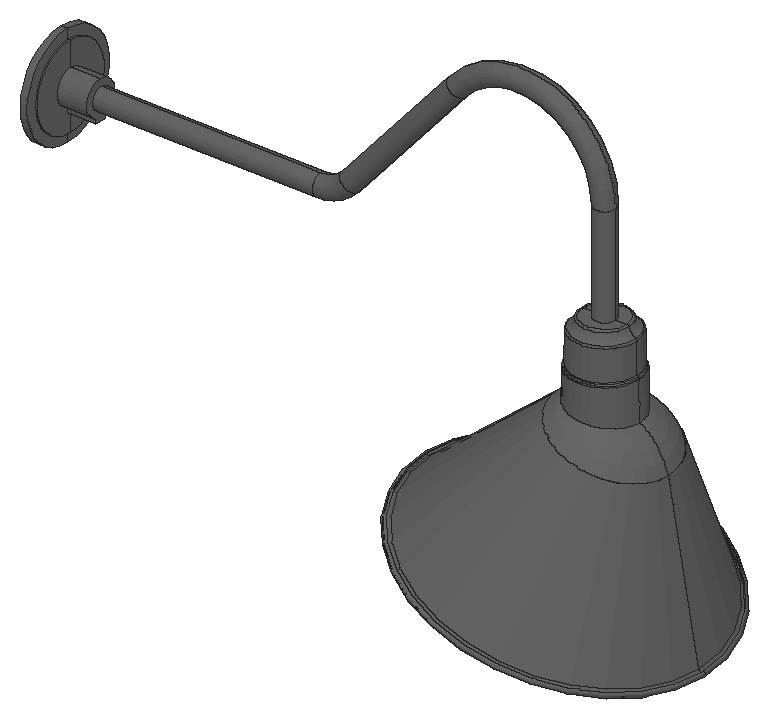
Revit family "Angle_LED", category Lighting Fixtures, Revit 2020
Family settings
  Round Connector Dimension = Use Diameter
  Part Type = Normal
  OmniClass Number = 23.80.70.00
  OmniClass Title = Lighting
  Work Plane-Based = No
  Always vertical = Yes
  Cut with Voids When Loaded = No
  Light Source = Yes
  Shared = No
  Room Calculation Point = No
Parameters (values of type "A814")
  Weight = "1.5 lb"
  Wattage Comments = "24 W"
  Wattage = 2.4 W
  Warranty = "5 year limited warranty"  # constant formula
  built-in parameter 1150110 = 1 (stored number, unit not read)
  Voltage = 120 V
  URL = "https://www.anplighting.com/assets/Uploads/product-attachments/specification-sheets/ANP-Specification-Sheet-RLM-LED-A814.pdf"
  built-in parameter 1114217 = 1 (stored number, unit not read)
  Tilt Angle = 90.00°
  built-in parameter 1150109 = 1 (stored number, unit not read)
  built-in parameter 1150134 = 12
  built-in parameter 1150113 = 1 (stored number, unit not read)
  Mounting Option [instance] = 2
  Power Factor = 1
  Post Mount [instance] = Mounting Option = 5  # no
  Placement X axis side [instance] = if(Post Mount, 2' 2 15/32", if(Cord or Stem Mount, 0' 0", if(E36 20 inch, 1' 8 1/4", if(E 6 26 inch, 2' 2", if(E7 41 inch, 3' 5 1/4", 0' 1")))))  # 2' - 2"
  Photometric Web File = "A814M016LDNW40K.ies"
  Model = "A814"
  Manufacturer = "ANP Lighting"  # constant formula
  built-in parameter 1150105 = 238.73 (stored number, unit not read)
  Lumens = 3000 lm
  built-in parameter 1150115 = 1 (stored number, unit not read)
  Load Classification = Lighting
  Light Source Height [instance] = 0' - 0 1/2"  # constant formula
  built-in parameter 1150137 = (empty or 0)
  built-in parameter 1150139 = (empty or 0)
  Light Elevation_3 [instance] = 0' - 2"  # constant formula
  Light Elevation _2 [instance] = if(A807, 0' 7 195/256", if(A810, 0' 10 27/256", if(A812, 0' 11 61/128", if(A814, 1' 1 205/256", 0' 0"))))  # 1' - 1 205/256"
  Light Elevation _1 [instance] = if(Post Mount, 0' 0", if(E7 41 inch, 0' 0", if(E36 20 inch, 0' 1", if(E 6 26 inch, 0' 0.87402", if(Cord or Stem Mount, (0' 3.66142" + Cord Length), 0' 0")))))  # 0' - 0.87402"
  Light Elevation [instance] = if(Post Mount, 14' 0.5315", if(E7 41 inch, 0' 0", 0' 0"))  # 0' - 0"
  Life = "L70 50,000 hours"  # constant formula
  built-in parameter 1150112 = 1 (stored number, unit not read)
  built-in parameter 1150114 = 1 (stored number, unit not read)
  Lamp = "LED"
  built-in parameter 1150132 = 2
  built-in parameter 1150102 = (empty or 0)
  built-in parameter 1150107 = 4000 (stored number, unit not read)
  built-in parameter 1150138 = (empty or 0)
  built-in parameter 1150106 = 2.3873 (stored number, unit not read)
  Fixture Height = 0' - 11 3/4"
  Fixture Diameter = 1' - 2 1/4"
  Efficiency = "65-125 lumens per watt"  # constant formula
  built-in parameter 1150104 = 116.13 (stored number, unit not read)
  E7 41 inch [instance] = Mounting Option = 4  # no
  E36 20 inch [instance] = Mounting Option = 3  # no
  E 6 26 inch [instance] = Mounting Option = 2  # yes
  Dimming Lamp Color Temperature Shift = <None>
  Dimming = "1%"  # constant formula
  Description = "120-277 Voltage"  # constant formula
  Default Elevation = 0' - 0"
  Cord or Stem Mount [instance] = Mounting Option = 1  # no
  Cord Length option [instance] = 0
  Cord Length [instance] = if([2' Cord], 2' 0", if([4' Cord], 4' 0", if([8' Cord], 8' 0", if([10' Cord], 10' 0", if([6' Cord], 6' 0", 6' 0")))))  # 6' - 0"
  Construction Material = "Heavy Duty spun aluminum."  # constant formula
  Color Filter = 16777215
  Canopy Body = body
  CRI = ">90"  # constant formula
  Body Material = body
  Body Colour = "Spun aluminium"  # constant formula
  built-in parameter 1114218 = 1 (stored number, unit not read)
  built-in parameter 1150133 = 10 (stored number, unit not read)
  Apparent Load = 24 VA
  A814 = yes
  A812 = no
  A810 = no
  A807 = no
  8' Cord [instance] = Cord Length option = 8  # no
  6' Cord [instance] = Cord Length option = 6  # no
  4' Cord [instance] = Cord Length option = 4  # no
  2' Cord [instance] = Cord Length option = 2  # no
  10' Cord [instance] = Cord Length option = 10  # no
Types (5): name | Weight | Wattage Comments | Wattage | URL | Photometric Web File | Model | built-in parameter 1150105 | Lumens | Light Elevation _2 | built-in parameter 1150106 | Fixture Height | Fixture Diameter | Apparent Load | A814 | A812 | A810 | A807
  (no name) | "1.5 lb" | "24 W" | 2.4 W | "https://www.anplighting.com/assets/Uploads/product-attachments/specification-sheets/ANP-Specification-Sheet-RLM-LED-A814.pdf" | "A814M016LDNW40K.ies" | "A814" | 238.73 (stored number, unit not read) | 3000 lm | 1' - 1 205/256" | 2.3873 (stored number, unit not read) | 0' - 11 3/4" | 1' - 2 1/4" | 24 VA | yes | no | no | no
  A807 | "1.0 lb" | "10W" | 1 W | "https://www.anplighting.com/assets/Uploads/product-attachments/specification-sheets/ANP-Specification-Sheet-RLM-LED-A807.pdf" | "A807M009LDNW40K.IES" | "A807" | 99.472 (stored number, unit not read) | 1250 lm | 0' - 7 195/256" | 0.99472 (stored number, unit not read) | 0' - 6 1/2" | 0' - 7 1/8" | 10 VA | no | no | no | yes
  A810 | "1.0 lb" | "16W" | 1.6 W | "https://www.anplighting.com/assets/Uploads/product-attachments/specification-sheets/ANP-Specification-Sheet-RLM-LED-A810.pdf" | "A810M010LDDW40K.IES" | "A810" | 159.15 (stored number, unit not read) | 2000 lm | 0' - 10 27/256" | 1.5915 (stored number, unit not read) | 0' - 8 1/2" | 0' - 10" | 16 VA | no | no | yes | no
  A812 | "1.0 lb" | "24W" | 2.4 W | "https://www.anplighting.com/assets/Uploads/product-attachments/specification-sheets/ANP-Specification-Sheet-RLM-LED-A812.pdf" | "A814M024LDDW40K.IES" | "A812" | 3000 (stored number, unit not read) | 3000 lm | 0' - 11 61/128" | 30 (stored number, unit not read) | 0' - 10" | 1' - 0" | 24 VA | no | yes | no | no
  A814 | "1.5 lb" | "24 W" | 2.4 W | "https://www.anplighting.com/assets/Uploads/product-attachments/specification-sheets/ANP-Specification-Sheet-RLM-LED-A814.pdf" | "A814M016LDNW40K.ies" | "A814" | 238.73 (stored number, unit not read) | 3000 lm | 1' - 1 205/256" | 2.3873 (stored number, unit not read) | 0' - 11 3/4" | 1' - 2 1/4" | 24 VA | yes | no | no | no
Reference planes (in)
  plane 1 "Light Source Axis (F/B)": y = 0
  plane 2: z = 0
  plane 3 "Light Source Axis (L/R)": x = 0
  plane 4 "Light Source Elevation": z = 0
  plane 5: z = 0
  plane 6: x = 26
  plane 7 "Bulb Position": z = -12.6748
  plane 8 "Canopy Position": z = -0.87402
  plane 9 "IES": z = -13.1748
  plane 10: z = -14.6748
Dimensions and locks (in)
  "Light Elevation": plane 5 to plane 2
  "Placement X axis side": plane 6 to plane 3 "Light Source Axis (L/R)"
  "Light Elevation _1": plane 5 to plane 8 "Canopy Position"
  "Light Source Height": plane 7 "Bulb Position" to plane 9 "IES"
  locked: plane 4 "Light Source Elevation" to plane 2
  "Light Elevation _2": plane 8 "Canopy Position" to plane 10
  "Light Elevation_3": plane 7 "Bulb Position" to plane 10
  aligned and locked: level to plane 2
  aligned and locked: plane 1 "Light Source Axis (F/B)" to nested 5
  aligned and locked: nested 5 to plane 2
  aligned and locked: nested 1 to plane 3 "Light Source Axis (L/R)"
  aligned and locked: plane 3 "Light Source Axis (L/R)" to nested 2
  aligned and locked: plane 3 "Light Source Axis (L/R)" to nested 4
  aligned and locked: nested 3 to plane 5
  aligned and locked: plane 3 "Light Source Axis (L/R)" to nested 3
  aligned and locked: plane 3 "Light Source Axis (L/R)" to nested 5
  aligned and locked: plane 1 "Light Source Axis (F/B)" to nested 2
  aligned and locked: plane 1 "Light Source Axis (F/B)" to nested 1
  aligned and locked: plane 1 "Light Source Axis (F/B)" to nested 4
  aligned and locked: plane 1 "Light Source Axis (F/B)" to nested 3
  aligned and locked: plane 2 to nested 1
  aligned and locked: plane 2 to nested 2
  aligned and locked: nested 4 to plane 2
  aligned and locked: imposter light to plane 9 "IES"
  aligned and locked: plane 6 to imposter light
  aligned and locked: plane 8 "Canopy Position" to nested 7
  aligned and locked: nested 7 to plane 1 "Light Source Axis (F/B)"
  aligned and locked: nested 7 to plane 6
  aligned and locked: nested 6 to plane 1 "Light Source Axis (F/B)"
  aligned and locked: nested 6 to plane 6
  aligned and locked: nested 9 to plane 1 "Light Source Axis (F/B)"
  aligned and locked: nested 9 to plane 6
  aligned and locked: nested 8 to plane 1 "Light Source Axis (F/B)"
  aligned and locked: nested 8 to plane 6
  aligned and locked: plane 8 "Canopy Position" to nested 8
  aligned and locked: plane 8 "Canopy Position" to nested 6
  aligned and locked: plane 8 "Canopy Position" to nested 9
Nested families (in)
  nested 1: "CORD OR STEM MOUNT" at (0, 0, -75.67), visible <- "Cord or Stem Mount", Cord or Stem Mount <- "Cord or Stem Mount", Body Material <- "Body Material", Light Elevation <- "Light Elevation", Cord Length <- "Cord Length", 10' Cord <- "10' Cord", 2' Cord <- "2' Cord", 4' Cord <- "4' Cord", 6' Cord <- "6' Cord", 8' Cord <- "8' Cord", type "CORD OR STEM MOUNT"
    with Light Elevation 0' - 0", Cord or Stem Mount no, Cord Length 6' - 0", Body Material body, 8' Cord no, 6' Cord no, 4' Cord no, 2' Cord no, 10' Cord no
  nested 2: "E6 26 INCH" at (26, 0, 0), visible <- "E 6 26 inch", Chain Length <- "Cord Length", E 6 26 inch <- "E 6 26 inch", Placement X axis side <- "Placement X axis side", Body Material <- "Body Material", Light Elevation <- "Light Elevation", type "E6 26 INCH"
    with Placement X axis side 2' - 2", Light Elevation 0' - 0", E 6 26 inch yes, Chain Length 6' - 0", Body Material body
  nested 3: "E7 41 INCH" at (26, 0, 0), Chain Length <- "Cord Length", visible <- "E7 41 inch", E7 41 inch <- "E7 41 inch", Placement X axis side <- "Placement X axis side", Body Material <- "Body Material", Light Elevation <- "Light Elevation", type "E7 41 INCH"
    with Placement X axis side 2' - 2", Light Elevation 0' - 0", E7 41 inch no, Chain Length 6' - 0", Body Material body
  nested 4: "E36 20 INCH" at (26, 0, 0), visible <- "E36 20 inch", E36 20 inch <- "E36 20 inch", Placement X axis side <- "Placement X axis side", Chain Length <- "Cord Length", Body Material <- "Body Material", Light Elevation <- "Light Elevation", type "E36 20 INCH"
    with Placement X axis side 2' - 2", Light Elevation 0' - 0", E36 20 inch no, Chain Length 6' - 0", Body Material body
  nested 5: "POST MOUNT" at (26, 0, 0), visible <- "Post Mount", Post Mount <- "Post Mount", Placement X axis side <- "Placement X axis side", Chain Length <- "Cord Length", Body Material <- "Body Material", Light Elevation <- "Light Elevation", type "POST MOUNT"
    with Post Mount no, Placement X axis side 2' - 2", Light Elevation 0' - 0", Chain Length 6' - 0", Body Material body
  nested 6: "A810_1" at (26, 0, -0.87402) x (-1, 0, 0) z (0, 0, 1), A810 <- "A810", visible <- "A810", Body <- "Canopy Body", Light Elevation <- "Light Elevation", type "A810_1"
    with Light Elevation 0' - 0", Body body, A810 no
  nested 7: "A807_1" at (26, 0, -0.87402) x (-1, 0, 0) z (0, 0, 1), Body <- "Canopy Body", visible <- "A807", A807 <- "A807", Light Elevation <- "Light Elevation", type "A807_1"
    with Light Elevation 0' - 0", Body body, A807 no
  nested 8: "A812_1" at (26, 0, -0.87402) x (-1, 0, 0) z (0, 0, 1), Body <- "Canopy Body", visible <- "A812", A812 <- "A812", Light Elevation <- "Light Elevation", type "A812_1"
    with Light Elevation 0' - 0", Body body, A812 no
  nested 9: "A814-1" at (26, 0, -0.87402) x (-1, 0, 0) z (0, 0, 1), A814 <- "A814", visible <- "A814", Body <- "Canopy Body", Light Elevation <- "Light Elevation", type "A814-1"
    with Light Elevation 0' - 0", Body body, A814 yes
Definition of nested family "E6 26 INCH"
  Parameters (values of type "E6 26 INCH")
    URL = ""
    Placement X axis side [instance] = 2' - 2"
    Model = ""
    Manufacturer = ""
    Light Elevation [instance] = 8' - 4"
    E 6 26 inch [instance] = yes
    Default Elevation = 0' - 0"
    Chain Length [instance] = 0' - 0"
    Body Material [instance] = none
  Reference planes (in)
    plane 1 "Light Source Axis (F/B)": y = 0
    plane 2: z = 0
    plane 3 "Light Source Axis (L/R)": x = 0
    plane 4 "Light Source Elevation": z = 23.125
    plane 5: z = 100
    plane 6: x = -26
    plane 7: z = 99.125
    plane 8: x = -24.12
    plane 9: x = -25.5474
  Forms (in)
    Extrusion 1, void, not visible
      sketch origin (0, 0, 2.38154) x (1, 0, 0) y (0, 0, 1)
        loop
          circle (0, 4.59925) r 0.16583
      from 1.18594 to 1.75
    Extrusion 2, void, not visible
      sketch origin (0, 0, 2.38154) x (0.707107, -0.707107, 0) y (0, 0, 1)
        loop
          circle (0, 4.59925) r 0.16583
      from 1.18594 to 1.75
    Extrusion 3, void, not visible
      sketch origin (0, 0, 2.38154) x (0.707107, 0.707107, 0) y (0, 0, 1)
        loop
          circle (0, 4.59925) r 0.16583
      from 1.18594 to 1.75
    Extrusion 4, void, not visible
      sketch origin (0, 0, 2.38154) x (0, 1, 0) y (0, 0, 1)
        loop
          circle (0, 4.59925) r 0.16583
      from 1.18594 to 1.75
    Extrusion 5, void, not visible
      sketch origin (0, 0, 2.38154) x (-0.707107, 0.707107, 0) y (0, 0, 1)
        loop
          circle (0, 4.59925) r 0.16583
      from 1.18594 to 1.75
    Extrusion 6, void, not visible
      sketch origin (0, 0, 2.38154) x (-1, 0, 0) y (0, 0, 1)
        loop
          circle (0, 4.59925) r 0.20678
      from 1.18594 to 1.75
    Extrusion 7, void, not visible
      sketch origin (0, 0, 2.38154) x (-0.707107, -0.707107, 0) y (0, 0, 1)
        loop
          circle (0, 4.59925) r 0.16583
      from 1.18594 to 1.75
    Extrusion 8, void, not visible
      sketch origin (0, 0, 2.38154) x (0, -1, 0) y (0, 0, 1)
        loop
          circle (0, 4.59925) r 0.16583
      from 1.18594 to 1.75
    Sweep 9, solid, material <- "Body Material", visible <- "E 6 26 inch"
      path origin (-41.25, 0, 168.51693) x (1, 0, 0) y (0, 0, 1)
        loop
          line (17.13, -68.51693) -> (27.68551, -68.51693)
          arc (27.68551, -68.51693) -> (28.47996, -68.34486) -> (29.13202, -67.8595) r 1.92004
          line (29.13202, -67.8595) -> (34.23651, -62.01155)
          arc (34.23651, -62.01155) -> (38.65464, -60.89667) -> (41.25, -64.64193) r 4
          line (41.25, -64.64193) -> (41.25, -69.39193)
      profile origin (-18.84224, 0, 100) x (0, 0, 1) y (0, -1, 0)
        loop
          circle (0, 0) r 0.5
    Revolve 10, solid, material <- "Body Material", visible <- "E 6 26 inch"
      sketch origin (-26, 0, 168.51693) x (1, 0, 0) y (0, 0, 1)
        loop
          line (0, -66.07943) -> (0, -68.51693) -> (1.88, -68.51693) -> (1.88, -67.69272) -> (0.4526, -67.69272) -> (0.4526, -66.54122) -> (0.33125, -66.54122) -> (0.33125, -66.07943) -> (0, -66.07943)
        axis (0, -68.51693) -> (1.88, -68.51693)
      angle from 0 to 360
    Extrusion 11, solid, material <- "Body Material", visible <- "E 6 26 inch"
      sketch origin (-26, 0, 168.51693) x (0, -1, 0) y (0, 0, -1)
        loop
          line (0.25, 68.51693) -> (0.25, 69.51693) -> (-0.25, 69.51693) -> (-0.25, 68.51693) -> (0.25, 68.51693)
      from 0.4526 to 1.88
  Cuts and joins
    joined: Revolve 10, Extrusion 11
  Dimensions and locks (in)
    "Light Elevation": plane 5 to plane 2
    "Placement X axis side": plane 3 "Light Source Axis (L/R)" to plane 6
    locked: plane 5 to plane 7 at 0.875
    Revolve 10 sketch curve to Revolve 10 sketch curve to Revolve 10 sketch curve to plane 6 = 0' - 1.4274" locked, 0' - 0.12135" locked, 0' - 0.33125" locked
    Revolve 10 sketch curve to Revolve 10 sketch curve to Revolve 10 sketch curve to plane 5 = 0' - 0.46179" locked, 0' - 1.1515" locked, 0' - 0 211/256" locked
    locked: Sweep 9 sketch curve to plane 6 at 1.88
    locked: Sweep 9 sketch curve to Sweep 9 sketch curve at 10.55551
    locked: Sweep 9 sketch curve to Sweep 9 sketch curve at 13.56449
    locked: Sweep 9 sketch curve to Sweep 9 sketch curve at 4.75
    locked: plane 9 to plane 6 at 0.4526
    locked: plane 8 to plane 9 at 1.4274
    aligned and locked: level to plane 2
    aligned and locked: Revolve 10 sketch curve to plane 6
    aligned and locked: plane 5 to Revolve 10 sketch curve
    aligned and locked: Revolve 10 sketch curve to plane 5
    aligned and locked: cut or joined group of Revolve 10, Extrusion 11 to plane 9
    aligned and locked: plane 8 to cut or joined group of Revolve 10, Extrusion 11
  Automatic sketch dimensions
    Sweep 9 sketch curve to plane 5 = 0' - 0"
    Sweep 9 sketch curve to Sweep 9 sketch curve = 0' - 4"
    Sweep 9 sketch curve to Sweep 9 sketch curve = 0' - 3.01349"
    plane 5 to Sweep 9 sketch curve = 0' - 0.65743"
    Sweep 9 sketch curve to Sweep 9 sketch curve = 0' - 1.4465"
    Sweep 9 sketch curve to plane 5 = 0' - 0 7/8"
    profile plane to Sweep 9 sketch curve = 0' - 0"
    Sweep 9 sketch curve to profile plane = 0' - 0"
    plane 6 to Revolve 10 sketch curve = 0' - 0.62562"
    Revolve 10 sketch curve to Revolve 10 sketch curve = 0' - 0 1/2"
    Extrusion 11 sketch curve to plane 5 = 0' - 0"
    plane 1 "Light Source Axis (F/B)" to Extrusion 11 sketch curve = 0' - 0 1/4"
    Extrusion 11 sketch curve to plane 1 "Light Source Axis (F/B)" = 0' - 0 1/4"
    plane 5 to Extrusion 11 sketch curve = 0' - 1"
    radius of Sweep 9 sketch curve = 0' - 0 1/2"
Definition of nested family "A814-1"
  Parameters (values of type "A814-1")
    Light Elevation [instance] = 3' - 10.03132"
    Default Elevation = 0' - 0"
    Body [instance] = none
    A814 [instance] = yes
  Reference planes (in)
    plane 1 "Center (Front/Back)": y = 0
    plane 2: z = 0
    plane 3 "Center (Left/Right)": x = 0
    plane 4: z = 46.03132
  Dimensions and locks (in)
    "Light Elevation": plane 4 to plane 2
    aligned and locked: plane 2 to level
    aligned and locked: plane 1 "Center (Front/Back)" to nested 1
    aligned and locked: plane 3 "Center (Left/Right)" to nested 1
    aligned and locked: nested 1 to plane 4
  Nested families (in)
    nested 1: "A814" at (0, 0, 32.22599), visible <- "A814", A814 <- "A814", Body <- "Body", type "A814"
      with Body none, A814 yes
  Definition of nested family "A814"
    Parameters (values of type "A814")
      Default Elevation = 0' - 0"
      Body [instance] = none
      A814 [instance] = yes
    Reference planes (in)
      plane 1 "Center (Front/Back)": y = 0
      plane 2: z = 0
      plane 3 "Center (Left/Right)": x = 0
      plane 4: through (-5.59562, -180, 2.32913) normal (-0.9397, 0, -0.342)
      plane 5: through (-6.68517, -180, -0.734) normal (-0.342, 0, 0.9397)
      plane 6: through (-10.70391, -180, 10.30739) normal (-0.342, 0, 0.9397)
    Forms (in)
      Revolve 1, solid, material <- "Body", visible <- "A814"
        sketch origin (-18.57236, 0, -12.48838) x (1, 0, 0) y (0, 0, 1)
          loop
            line (15.52198, 20.53023) -> (14.06428, 12.78713)
            spline (14.06428, 12.78713) -> (14.05473, 12.76008) -> (14.04511, 12.73449) -> (14.03542, 12.71035) -> (14.02566, 12.68766) -> (14.01583, 12.66642) -> (14.00593, 12.64663) -> (13.99596, 12.6283) -> (13.98592, 12.61141) -> (13.97581, 12.59598) -> (13.96563, 12.58199) -> (13.95538, 12.56946) -> (13.94506, 12.55838)
            arc (13.94506, 12.55838) -> (13.85596, 12.58429) -> (13.89082, 12.67028) r 0.0625
            line (13.89082, 12.67028) -> (13.86945, 12.72901)
            arc (13.86945, 12.72901) -> (13.79474, 12.5688) -> (13.95495, 12.49409) r 0.125
            arc (13.95495, 12.49409) -> (13.97218, 12.50366) -> (13.98557, 12.51813) r 0.0625
            spline (13.98557, 12.51813) -> (13.99851, 12.53179) -> (14.01117, 12.54665) -> (14.02353, 12.56277) -> (14.03556, 12.58023) -> (14.04725, 12.59908) -> (14.05857, 12.61938) -> (14.06952, 12.64122) -> (14.08007, 12.66464) -> (14.0902, 12.68973) -> (14.09989, 12.71653) -> (14.10913, 12.74512) -> (14.11789, 12.77556)
            line (14.11789, 12.77556) -> (15.551, 20.38807)
            arc (15.551, 20.38807) -> (16.32513, 21.80085) -> (17.7309, 22.58766) r 2.91836
            line (17.7309, 22.58766) -> (17.70938, 22.64679)
            arc (17.70938, 22.64679) -> (16.32517, 21.88875) -> (15.52198, 20.53023) r 2.98086
          axis (17.70938, 22.64679) -> (20.53321, 14.88838)
        angle from 0 to 360
      Revolve 2, solid, material <- "Body", visible <- "A814"
        sketch origin (-18.57236, 0, -12.48838) x (1, 0, 0) y (0, 0, 1)
          loop
            arc (17.52211, 26.29371) -> (17.46649, 26.27447) -> (17.43466, 26.22497) r 0.09
            arc (17.43466, 26.22497) -> (17.31791, 25.98523) -> (17.112, 25.81581) r 0.62612
            arc (17.112, 25.81581) -> (17.07666, 25.78329) -> (17.06308, 25.73722) r 0.09
            line (17.06308, 25.73722) -> (17.03919, 24.30405)
            arc (17.03919, 24.30405) -> (17.03435, 24.27638) -> (17.02121, 24.25155) r 0.09
            line (17.02121, 24.25155) -> (16.96486, 24.17642)
            arc (16.96486, 24.17642) -> (16.95172, 24.15159) -> (16.94687, 24.12392) r 0.09
            line (16.94687, 24.12392) -> (16.91611, 22.27808) -> (16.97861, 22.27808) -> (17.00951, 24.13179) -> (17.0736, 24.21725)
            arc (17.0736, 24.21725) -> (17.09587, 24.25932) -> (17.10408, 24.3062) r 0.1525
            line (17.10408, 24.3062) -> (17.12821, 25.75404)
            arc (17.12821, 25.75404) -> (17.3627, 25.94115) -> (17.49539, 26.2102) r 0.68862
            arc (17.49539, 26.2102) -> (17.50511, 26.22533) -> (17.52211, 26.23121) r 0.0275
            line (17.52211, 26.23121) -> (18.32236, 26.23121) -> (18.32236, 26.29371) -> (17.52211, 26.29371)
          axis (18.57236, 26.29371) -> (18.57236, 22.27808)
        angle from 0 to 360
      Revolve 3, void
        sketch origin (-18.57236, 0, -12.48838) x (1, 0, 0) y (0, 0, 1)
          loop
            line (18.57236, 22.99745) -> (17.00762, 22.99745) -> (17.00762, 22.27808) -> (18.57236, 22.27808) -> (18.57236, 22.99745)
          axis (18.57236, 22.99745) -> (18.57236, 22.27808)
        angle from 0 to 360
    Cuts and joins
      Revolve 3 cuts Revolve 1
    Dimensions and locks (in)
      plane 4 to Revolve 1 sketch curve = 0' - 7 1/8"
      plane 6 to plane 5 = 0' - 11 3/4"
      aligned and locked: plane 2 to level
Definition of nested family "CORD OR STEM MOUNT"
  Parameters (values of type "CORD OR STEM MOUNT")
    URL = ""
    Model = ""
    Manufacturer = ""
    Light Elevation [instance] = 1' - 7.69"
    Default Elevation = 0' - 0"
    Cord or Stem Mount [instance] = yes
    Cord Length [instance] = 6' - 0"
    Body Material [instance] = none
    8' Cord [instance] = no
    6' Cord [instance] = no
    4' Cord [instance] = no
    2' Cord [instance] = no
    10' Cord [instance] = no
  Reference planes (in)
    plane 1 "Light Source Axis (F/B)": y = 0
    plane 2: z = 0
    plane 3 "Light Source Axis (L/R)": x = 0
    plane 4 "Light Source Elevation": z = 23.125
    plane 5: z = 91.69
    plane 6: z = 19.69
  Forms (in)
    Extrusion 1, void, not visible
      sketch origin (0, 0, 2.38154) x (1, 0, 0) y (0, 0, 1)
        loop
          circle (0, 4.59925) r 0.16583
      from 1.18594 to 1.75
    Extrusion 2, void, not visible
      sketch origin (0, 0, 2.38154) x (0.707107, -0.707107, 0) y (0, 0, 1)
        loop
          circle (0, 4.59925) r 0.16583
      from 1.18594 to 1.75
    Extrusion 3, void, not visible
      sketch origin (0, 0, 2.38154) x (0.707107, 0.707107, 0) y (0, 0, 1)
        loop
          circle (0, 4.59925) r 0.16583
      from 1.18594 to 1.75
    Extrusion 4, void, not visible
      sketch origin (0, 0, 2.38154) x (0, 1, 0) y (0, 0, 1)
        loop
          circle (0, 4.59925) r 0.16583
      from 1.18594 to 1.75
    Extrusion 5, void, not visible
      sketch origin (0, 0, 2.38154) x (-0.707107, 0.707107, 0) y (0, 0, 1)
        loop
          circle (0, 4.59925) r 0.16583
      from 1.18594 to 1.75
    Extrusion 6, void, not visible
      sketch origin (0, 0, 2.38154) x (-1, 0, 0) y (0, 0, 1)
        loop
          circle (0, 4.59925) r 0.20678
      from 1.18594 to 1.75
    Extrusion 7, void, not visible
      sketch origin (0, 0, 2.38154) x (-0.707107, -0.707107, 0) y (0, 0, 1)
        loop
          circle (0, 4.59925) r 0.16583
      from 1.18594 to 1.75
    Extrusion 8, void, not visible
      sketch origin (0, 0, 2.38154) x (0, -1, 0) y (0, 0, 1)
        loop
          circle (0, 4.59925) r 0.16583
      from 1.18594 to 1.75
    Revolve 9, solid, material <- "Body Material", visible <- "Cord or Stem Mount"
      sketch origin (0, 0, 174.56698) x (1, 0, 0) y (0, 0, 1)
        loop
          line (2.6875, -79.20698) -> (0, -79.20698) -> (0, -82.87698) -> (0.125, -82.87698) -> (0.125, -82.83698) -> (0.75, -82.83698)
          arc (0.75, -82.83698) -> (0.81694, -82.77004) -> (0.75, -82.7031) r 0.06694
          line (0.75, -82.7031) -> (0.89763, -82.7031) -> (1.00223, -82.5985) -> (1.06587, -82.5985)
          arc (1.06587, -82.5985) -> (1.80099, -82.29401) -> (2.10549, -81.55888) r 1.03962
          line (2.10549, -81.55888) -> (2.10549, -81.03899)
          arc (2.10549, -81.03899) -> (2.12951, -80.981) -> (2.1875, -80.95698) r 0.08201
          line (2.1875, -80.95698) -> (2.1875, -80.70698) -> (2.6875, -80.70698) -> (2.6875, -79.20698)
        axis (0, -79.20698) -> (0, -82.87698)
      angle from 0 to 360
    Revolve 10, solid, material <- "Body Material", visible <- "Cord or Stem Mount"
      sketch origin (0, 0, 0) x (1, 0, 0) y (0, 0, 1)
        loop
          line (0, 91.69) -> (-0.125, 91.69) -> (-0.125, 19.69) -> (0, 19.69) -> (0, 91.69)
        axis (0, 19.69) -> (0, 91.69)
      angle from 0 to 360
  Dimensions and locks (in)
    "Light Elevation": plane 6 to plane 2
    "Cord Length": plane 5 to plane 6
    locked: Revolve 10 sketch curve to Revolve 10 sketch curve at 0.125
    aligned and locked: level to plane 2
    aligned and locked: Revolve 10 sketch curve to plane 3 "Light Source Axis (L/R)"
    aligned and locked: Revolve 10 sketch curve to plane 6
    aligned and locked: Revolve 10 sketch curve to plane 5
    aligned and locked: plane 3 "Light Source Axis (L/R)" to Revolve 10 sketch curve
  Automatic sketch dimensions
    Revolve 9 sketch curve to plane 3 "Light Source Axis (L/R)" = 0' - 0"  (x2)
    Revolve 9 sketch curve to plane 5 = 0' - 0"
    plane 3 "Light Source Axis (L/R)" to Revolve 9 sketch curve = 0' - 0 1/8"
    Revolve 9 sketch curve to plane 5 = 0' - 0.17388"
    Revolve 9 sketch curve to Revolve 9 sketch curve = 0' - 0 5/8"
    Revolve 9 sketch curve to Revolve 9 sketch curve = 0' - 0.14763"
    Revolve 9 sketch curve to plane 5 = 0' - 0.27847"
    Revolve 9 sketch curve to Revolve 9 sketch curve = 0' - 0.1046"
    Revolve 9 sketch curve to Revolve 9 sketch curve = 0' - 0.06364"
    Revolve 9 sketch curve to Revolve 9 sketch curve = 0' - 1.03962"
    Revolve 9 sketch curve to Revolve 9 sketch curve = 0' - 0 21/256"
    Revolve 9 sketch curve to Revolve 9 sketch curve = 0' - 0 1/2"  (x2)
    Revolve 9 sketch curve to Revolve 9 sketch curve = 0' - 0.51989"
    Revolve 9 sketch curve to Revolve 9 sketch curve = 0' - 0 1/4"
    Revolve 9 sketch curve to Revolve 9 sketch curve = 0' - 2.3519"
    Revolve 9 sketch curve to Revolve 9 sketch curve = 0' - 1 1/4"
    Revolve 9 sketch curve to Revolve 9 sketch curve = 0' - 0.04"
    Revolve 10 sketch curve to Revolve 10 sketch curve = 0' - 0 1/2"
    Revolve 10 sketch curve to Revolve 10 sketch curve = 0' - 0.42345"
Definition of nested family "E7 41 INCH"
  Parameters (values of type "E7 41 INCH")
    URL = ""
    Placement X axis side [instance] = 4' - 2"
    Model = ""
    Manufacturer = ""
    Light Elevation [instance] = 8' - 4"
    E7 41 inch [instance] = yes
    Default Elevation = 0' - 0"
    Chain Length [instance] = 0' - 0"
    Body Material [instance] = none
  Reference planes (in)
    plane 1 "Light Source Axis (F/B)": y = 0
    plane 2: z = 0
    plane 3 "Light Source Axis (L/R)": x = 0
    plane 4 "Light Source Elevation": z = 23.125
    plane 5: z = 100
    plane 6: x = -50
  Forms (in)
    Extrusion 1, void, not visible
      sketch origin (0, 0, 2.38154) x (1, 0, 0) y (0, 0, 1)
        loop
          circle (0, 4.59925) r 0.16583
      from 1.18594 to 1.75
    Extrusion 2, void, not visible
      sketch origin (0, 0, 2.38154) x (0.707107, -0.707107, 0) y (0, 0, 1)
        loop
          circle (0, 4.59925) r 0.16583
      from 1.18594 to 1.75
    Extrusion 3, void, not visible
      sketch origin (0, 0, 2.38154) x (0.707107, 0.707107, 0) y (0, 0, 1)
        loop
          circle (0, 4.59925) r 0.16583
      from 1.18594 to 1.75
    Extrusion 4, void, not visible
      sketch origin (0, 0, 2.38154) x (0, 1, 0) y (0, 0, 1)
        loop
          circle (0, 4.59925) r 0.16583
      from 1.18594 to 1.75
    Extrusion 5, void, not visible
      sketch origin (0, 0, 2.38154) x (-0.707107, 0.707107, 0) y (0, 0, 1)
        loop
          circle (0, 4.59925) r 0.16583
      from 1.18594 to 1.75
    Extrusion 6, void, not visible
      sketch origin (0, 0, 2.38154) x (-1, 0, 0) y (0, 0, 1)
        loop
          circle (0, 4.59925) r 0.20678
      from 1.18594 to 1.75
    Extrusion 7, void, not visible
      sketch origin (0, 0, 2.38154) x (-0.707107, -0.707107, 0) y (0, 0, 1)
        loop
          circle (0, 4.59925) r 0.16583
      from 1.18594 to 1.75
    Extrusion 8, void, not visible
      sketch origin (0, 0, 2.38154) x (0, -1, 0) y (0, 0, 1)
        loop
          circle (0, 4.59925) r 0.16583
      from 1.18594 to 1.75
    Revolve 9, solid, material <- "Body Material", visible <- "E7 41 inch"
      sketch origin (-41.25, 0, 168.39193) x (1, 0, 0) y (0, 0, 1)
        loop
          line (-8.75, -66.20443) -> (-8.75, -68.51693) -> (-6.87, -68.51693) -> (-6.87, -67.69272) -> (-8.2974, -67.69272) -> (-8.2974, -66.54122) -> (-8.41875, -66.54122) -> (-8.41875, -66.20443) -> (-8.75, -66.20443)
        axis (-8.75, -68.51693) -> (-6.87, -68.51693)
      angle from 0 to 360
    Extrusion 10, solid, material <- "Body Material", visible <- "E7 41 inch"
      sketch origin (-41.25, 0, 168.39193) x (0, -1, 0) y (0, 0, -1)
        loop
          line (0.25, 68.51693) -> (0.25, 69.51693) -> (-0.25, 69.51693) -> (-0.25, 68.51693) -> (0.25, 68.51693)
      from -8.2974 to -6.87
    Sweep 11, solid, material <- "Body Material", visible <- "E7 41 inch"
      path origin (-41.25, 0, 168.39193) x (1, 0, 0) y (0, 0, 1)
        loop
          line (-6.87, -68.51693) -> (16.04011, -68.51693)
          arc (16.04011, -68.51693) -> (17.864, -68.13651) -> (19.38375, -67.0587) r 4.5625
          line (19.38375, -67.0587) -> (24.70217, -61.33018)
          arc (24.70217, -61.33018) -> (29.64465, -60.20324) -> (32.5, -64.39193) r 4.5
          line (32.5, -64.39193) -> (32.5, -68.39193)
      profile origin (-36.66494, 0, 99.875) x (0, 0, 1) y (0, -1, 0)
        loop
          circle (0, 0) r 0.5
  Dimensions and locks (in)
    "Placement X axis side": plane 3 "Light Source Axis (L/R)" to plane 6
    "Light Elevation": plane 5 to plane 2
    locked: Revolve 9 sketch curve to Revolve 9 sketch curve at 0.33125
    locked: Revolve 9 sketch curve to Revolve 9 sketch curve at 0.4526
    locked: Revolve 9 sketch curve to Revolve 9 sketch curve at 1.88
    locked: Revolve 9 sketch curve to Revolve 9 sketch curve at 0.82421
    locked: Revolve 9 sketch curve to Revolve 9 sketch curve at 1.1515
    locked: Revolve 9 sketch curve to Revolve 9 sketch curve at 0.33679
    locked: plane 5 to Revolve 9 sketch curve at 0.125
    locked: Extrusion 10 sketch curve to Extrusion 10 sketch curve at 0.5
    locked: Extrusion 10 sketch curve to Extrusion 10 sketch curve at 1
    locked: plane 5 to Extrusion 10 sketch curve at 0.125
    locked: plane 5 to Sweep 11 sketch curve at 0.125
    locked: Sweep 11 sketch curve to Sweep 11 sketch curve at 39.37
    locked: Sweep 11 sketch curve to Sweep 11 sketch curve at 4
    locked: plane 6 to Extrusion 10 at 0.4526
    locked: Sweep 11 sketch curve to plane 6 at 1.88
    locked: Extrusion 10 to Extrusion 10 at 1.4274
    aligned and locked: plane 2 to level
    aligned and locked: Revolve 9 sketch curve to plane 6
  Automatic sketch dimensions
    Revolve 9 sketch curve to plane 5 = 0' - 0 1/8"
    plane 6 to Revolve 9 sketch curve = 0' - 0.62562"
    Revolve 9 sketch curve to Revolve 9 sketch curve = 0' - 0 1/2"
    plane 1 "Light Source Axis (F/B)" to Extrusion 10 sketch curve = 0' - 0 1/4"
    Sweep 11 sketch curve to plane 5 = 0' - 0"
    Sweep 11 sketch curve to Sweep 11 sketch curve = 0' - 4 1/2"
    Sweep 11 sketch curve to Sweep 11 sketch curve = 0' - 3.29783"
    plane 5 to Sweep 11 sketch curve = 0' - 1.33323"
    Sweep 11 sketch curve to Sweep 11 sketch curve = 0' - 5.31842"
    Sweep 11 sketch curve to Sweep 11 sketch curve = 0' - 3.34364"
    profile plane to Sweep 11 sketch curve = 0' - 0"
    Sweep 11 sketch curve to profile plane = 0' - 0"
    radius of Sweep 11 sketch curve = 0' - 0 1/2"
Definition of nested family "E36 20 INCH"
  Parameters (values of type "E36 20 INCH")
    URL = ""
    Placement X axis side [instance] = 1' - 8 1/4"
    Model = ""
    Manufacturer = ""
    Light Elevation [instance] = 8' - 4"
    E36 20 inch [instance] = yes
    Default Elevation = 0' - 0"
    Chain Length [instance] = 0' - 0"
    Body Material [instance] = none
  Reference planes (in)
    plane 1 "Light Source Axis (F/B)": y = 0
    plane 2: z = 0
    plane 3 "Light Source Axis (L/R)": x = 0
    plane 4 "Light Source Elevation": z = 23.125
    plane 5: z = 99
    plane 6: x = -20.25
    plane 7: z = 100
    plane 8: x = -18.37008
    plane 9: x = -19.79724
  Forms (in)
    Extrusion 1, void, not visible
      sketch origin (0, 0, 2.38154) x (1, 0, 0) y (0, 0, 1)
        loop
          circle (0, 4.59925) r 0.16583
      from 1.18594 to 1.75
    Extrusion 2, void, not visible
      sketch origin (0, 0, 2.38154) x (0.707107, -0.707107, 0) y (0, 0, 1)
        loop
          circle (0, 4.59925) r 0.16583
      from 1.18594 to 1.75
    Extrusion 3, void, not visible
      sketch origin (0, 0, 2.38154) x (0.707107, 0.707107, 0) y (0, 0, 1)
        loop
          circle (0, 4.59925) r 0.16583
      from 1.18594 to 1.75
    Extrusion 4, void, not visible
      sketch origin (0, 0, 2.38154) x (0, 1, 0) y (0, 0, 1)
        loop
          circle (0, 4.59925) r 0.16583
      from 1.18594 to 1.75
    Extrusion 5, void, not visible
      sketch origin (0, 0, 2.38154) x (-0.707107, 0.707107, 0) y (0, 0, 1)
        loop
          circle (0, 4.59925) r 0.16583
      from 1.18594 to 1.75
    Extrusion 6, void, not visible
      sketch origin (0, 0, 2.38154) x (-1, 0, 0) y (0, 0, 1)
        loop
          circle (0, 4.59925) r 0.20678
      from 1.18594 to 1.75
    Extrusion 7, void, not visible
      sketch origin (0, 0, 2.38154) x (-0.707107, -0.707107, 0) y (0, 0, 1)
        loop
          circle (0, 4.59925) r 0.16583
      from 1.18594 to 1.75
    Extrusion 8, void, not visible
      sketch origin (0, 0, 2.38154) x (0, -1, 0) y (0, 0, 1)
        loop
          circle (0, 4.59925) r 0.16583
      from 1.18594 to 1.75
    Sweep 9, solid, material <- "Body Material", visible <- "E36 20 inch"
      path origin (-41.25, 0, 169.51693) x (1, 0, 0) y (0, 0, 1)
        loop
          line (22.88, -69.51693) -> (28.93827, -69.51693)
          arc (28.93827, -69.51693) -> (29.97705, -69.28152) -> (30.81284, -68.62128) r 2.40953
          line (30.81284, -68.62128) -> (34.13807, -64.50378)
          arc (34.13807, -64.50378) -> (38.58272, -63.24548) -> (41.25, -67.01693) r 4
          line (41.25, -67.01693) -> (41.25, -70.51693)
      profile origin (-15.34086, 0, 100) x (0, 0, 1) y (0, -1, 0)
        loop
          circle (0, 0) r 0.5
    Revolve 10, solid, material <- "Body Material", visible <- "E36 20 inch"
      sketch origin (-20.25, 0, 169.51693) x (1, 0, 0) y (0, 0, 1)
        loop
          line (0, -67.20443) -> (0, -69.51693) -> (1.88, -69.51693) -> (1.88, -68.69272) -> (0.4526, -68.69272) -> (0.4526, -67.54122) -> (0.33125, -67.54122) -> (0.33125, -67.20443) -> (0, -67.20443)
        axis (0, -69.51693) -> (1.88, -69.51693)
      angle from 0 to 360
    Extrusion 11, solid, material <- "Body Material", visible <- "E36 20 inch"
      sketch origin (-20.25, 0, 169.51693) x (0, -1, 0) y (0, 0, -1)
        loop
          line (0.25, 69.51693) -> (0.25, 70.51693) -> (-0.25, 70.51693) -> (-0.25, 69.51693) -> (0.25, 69.51693)
      from 1.87992 to 0.45276
  Cuts and joins
    joined: Revolve 10, Extrusion 11
  Dimensions and locks (in)
    "Light Elevation": plane 7 to plane 2
    "Placement X axis side": plane 3 "Light Source Axis (L/R)" to plane 6
    locked: plane 7 to plane 5 at 1
    Revolve 10 sketch curve to Revolve 10 sketch curve to Revolve 10 sketch curve to plane 7 = 0' - 0.33679" locked, 0' - 1.1515" locked, 0' - 0 211/256" locked
    locked: Sweep 9 sketch curve to plane 6 at 1.88
    locked: Sweep 9 sketch curve to Sweep 9 sketch curve at 6.05827
    locked: Sweep 9 sketch curve to Sweep 9 sketch curve at 12.31173
    locked: Sweep 9 sketch curve to Sweep 9 sketch curve at 3.5
    Revolve 10 sketch curve to Revolve 10 sketch curve to Revolve 10 sketch curve to plane 6 = 0' - 1.4274" locked, 0' - 0.12135" locked, 0' - 0.33125" locked
    locked: plane 9 to plane 6 at 0.45276
    locked: plane 8 to plane 9 at 1.42717
    aligned and locked: level to plane 2
    aligned and locked: plane 7 to Revolve 10 sketch curve
    aligned and locked: Revolve 10 sketch curve to plane 7
    aligned and locked: Revolve 10 sketch curve to plane 6
    aligned and locked: cut or joined group of Revolve 10, Extrusion 11 to plane 9
    aligned and locked: plane 8 to cut or joined group of Revolve 10, Extrusion 11
  Automatic sketch dimensions
    Sweep 9 sketch curve to plane 7 = 0' - 0"
    Sweep 9 sketch curve to plane 5 = 0' - 0"
    Sweep 9 sketch curve to Sweep 9 sketch curve = 0' - 4"
    Sweep 9 sketch curve to plane 7 = 0' - 0.89565"
    Sweep 9 sketch curve to Sweep 9 sketch curve = 0' - 3.32523"
    Sweep 9 sketch curve to Sweep 9 sketch curve = 0' - 1.87457"
    profile plane to Sweep 9 sketch curve = 0' - 0"
    Sweep 9 sketch curve to profile plane = 0' - 0"
    plane 6 to Revolve 10 sketch curve = 0' - 0.62562"
    Revolve 10 sketch curve to Revolve 10 sketch curve = 0' - 0 1/2"
    plane 7 to Extrusion 11 sketch curve = 0' - 0"
    Extrusion 11 sketch curve to plane 5 = 0' - 0"
    plane 1 "Light Source Axis (F/B)" to Extrusion 11 sketch curve = 0' - 0 1/4"
    Extrusion 11 sketch curve to plane 1 "Light Source Axis (F/B)" = 0' - 0 1/4"
    radius of Sweep 9 sketch curve = 0' - 0 1/2"
Definition of nested family "POST MOUNT"
  Parameters (values of type "POST MOUNT")
    URL = ""
    Post Mount [instance] = yes
    Placement X axis side [instance] = 2' - 2 1/2"
    Model = ""
    Manufacturer = ""
    Light Elevation [instance] = 14' - 0.5168"
    Default Elevation = 0' - 0"
    Chain Length [instance] = 0' - 0"
    Body Material [instance] = none
  Reference planes (in)
    plane 1 "Light Source Axis (F/B)": y = 0
    plane 2: z = 0
    plane 3 "Light Source Axis (L/R)": x = 0
    plane 4 "Light Source Elevation": z = 23.125
    plane 5: x = -26.5
    plane 6: z = 168.5168
  Forms (in)
    Extrusion 1, void, not visible
      sketch origin (0, 0, 2.38154) x (1, 0, 0) y (0, 0, 1)
        loop
          circle (0, 4.59925) r 0.16583
      from 1.18594 to 1.75
    Extrusion 2, void, not visible
      sketch origin (0, 0, 2.38154) x (0.707107, -0.707107, 0) y (0, 0, 1)
        loop
          circle (0, 4.59925) r 0.16583
      from 1.18594 to 1.75
    Extrusion 3, void, not visible
      sketch origin (0, 0, 2.38154) x (0.707107, 0.707107, 0) y (0, 0, 1)
        loop
          circle (0, 4.59925) r 0.16583
      from 1.18594 to 1.75
    Extrusion 4, void, not visible
      sketch origin (0, 0, 2.38154) x (0, 1, 0) y (0, 0, 1)
        loop
          circle (0, 4.59925) r 0.16583
      from 1.18594 to 1.75
    Extrusion 5, void, not visible
      sketch origin (0, 0, 2.38154) x (-0.707107, 0.707107, 0) y (0, 0, 1)
        loop
          circle (0, 4.59925) r 0.16583
      from 1.18594 to 1.75
    Extrusion 6, void, not visible
      sketch origin (0, 0, 2.38154) x (-1, 0, 0) y (0, 0, 1)
        loop
          circle (0, 4.59925) r 0.20678
      from 1.18594 to 1.75
    Extrusion 7, void, not visible
      sketch origin (0, 0, 2.38154) x (-0.707107, -0.707107, 0) y (0, 0, 1)
        loop
          circle (0, 4.59925) r 0.16583
      from 1.18594 to 1.75
    Extrusion 8, void, not visible
      sketch origin (0, 0, 2.38154) x (0, -1, 0) y (0, 0, 1)
        loop
          circle (0, 4.59925) r 0.16583
      from 1.18594 to 1.75
    Revolve 9, solid, material <- "Body Material", visible <- "Post Mount"
      sketch origin (-7.90508, 0, 0) x (1, 0, 0) y (0, 0, 1)
        loop
          line (-18.59492, 3.92912) -> (-16.29831, 3.92912) -> (-16.29831, 4.2668) -> (-16.91413, 4.2668) -> (-16.91413, 134.5168) -> (-17.16413, 134.5168) -> (-17.16413, 137.3918) -> (-17.05979, 137.3918)
          arc (-17.05979, 137.3918) -> (-16.93479, 137.5168) -> (-17.05979, 137.6418) r 0.125
          line (-17.05979, 137.6418) -> (-17.48032, 137.6418) -> (-17.48032, 139.0793) -> (-17.73032, 139.0793) -> (-17.73032, 139.5793) -> (-18.59492, 139.5793) -> (-18.59492, 3.92912)
        axis (-18.59492, 139.5793) -> (-18.59492, 3.92912)
      angle from 0 to 360
    Extrusion 10, solid, material <- "Body Material", visible <- "Post Mount"
      sketch origin (0, 0, 0) x (1, 0, 0) y (0, 1, 0)
        loop
          line (-20.5, 5.93079) -> (-32.5, 5.93079) -> (-32.5, -6.06921) -> (-20.5, -6.06921) -> (-20.5, 5.93079)
      from 0 to 3.92912
    Sweep 11, solid, material <- "Body Material", visible <- "Post Mount"
      path origin (0, 0, 48.5) x (1, 0, 0) y (0, 0, 1)
        loop
          line (0, 120.0168) -> (0, 128.0168)
          arc (0, 128.0168) -> (-13.25, 141.2668) -> (-26.5, 128.0168) r 13.25
          line (-26.5, 128.0168) -> (-26.5, 91.0793)
      profile origin (0, 0, 172.5168) x (-1, 0, 0) y (0, -1, 0)
        loop
          circle (0, 0) r 0.5
    Revolve 12, solid, material <- "Body Material", visible <- "Post Mount"
      sketch origin (0, 0, 0) x (1, 0, 0) y (0, 0, 1)
        loop
          line (0, 168.5168) -> (0.75, 168.5168) -> (0.75, 170.7668) -> (0, 170.7668) -> (0, 168.5168)
        axis (0, 170.7668) -> (0, 168.5168)
      angle from 0 to 360
  Cuts and joins
    joined: Revolve 9, Extrusion 10, Sweep 11, Revolve 12
  Dimensions and locks (in)
    "Placement X axis side": plane 3 "Light Source Axis (L/R)" to plane 5
    "Light Elevation": plane 6 to plane 2
    locked: Revolve 12 sketch curve to plane 5 at 26.5  (x2)
    locked: Revolve 9 sketch curve to plane 2 at 3.92912
    locked: Revolve 9 sketch curve to plane 5 at 2.29661
    locked: Revolve 9 sketch curve to plane 5 at 1.68079
    locked: Revolve 9 sketch curve to plane 5 at 1.43079
    locked: Revolve 9 sketch curve to plane 5 at 1.11461
    locked: Revolve 9 sketch curve to plane 5 at 0.86461
    locked: Revolve 9 sketch curve to Revolve 9 sketch curve at 130.58768
    locked: Revolve 9 sketch curve to Revolve 9 sketch curve at 2.875
    locked: Revolve 9 sketch curve to Revolve 9 sketch curve at 0.25
    locked: Revolve 9 sketch curve to Revolve 9 sketch curve at 1.4375
    locked: Revolve 9 sketch curve to Revolve 9 sketch curve at 0.5
    locked: Sweep 11 sketch curve to Sweep 11 sketch curve at 26.5
    locked: Revolve 12 sketch curve to Revolve 12 sketch curve at 0.75
    locked: cut or joined group of Revolve 9, Extrusion 10, Sweep 11, Revolve 12 to plane 2 at 139.5793
    aligned and locked: level to plane 2
    aligned and locked: plane 5 to Sweep 11 sketch curve
    aligned and locked: Revolve 9 sketch curve to plane 5
  Automatic sketch dimensions
    Revolve 9 sketch curve to plane 5 = 0' - 0"
    Revolve 9 sketch curve to Revolve 9 sketch curve = 0' - 0.10434"
    Revolve 9 sketch curve to Revolve 9 sketch curve = 0' - 0.33768"
    Revolve 9 sketch curve to Revolve 9 sketch curve = 0' - 0 1/4"
    Revolve 9 sketch curve to Revolve 9 sketch curve = 0' - 0 7/16"
    Extrusion 10 sketch curve to plane 5 = 0' - 6"
    plane 5 to Extrusion 10 sketch curve = 0' - 6"
    plane 1 "Light Source Axis (F/B)" to Extrusion 10 sketch curve = 0' - 6.06921"
    Extrusion 10 sketch curve to plane 1 "Light Source Axis (F/B)" = 0' - 5.93079"
    Sweep 11 sketch curve to profile plane = 0' - 0"
    profile plane to Sweep 11 sketch curve = 0' - 0"
    Sweep 11 sketch curve to plane 6 = 0' - 0"
    Sweep 11 sketch curve to plane 6 = 0' - 8"
    plane 6 to Sweep 11 sketch curve = 2' - 4 15/16"
    Revolve 12 sketch curve to plane 6 = 0' - 0"
    Revolve 12 sketch curve to plane 6 = 0' - 2 1/4"
    Revolve 12 sketch curve to Revolve 12 sketch curve = 0' - 0 1/2"
    Revolve 12 sketch curve to Revolve 12 sketch curve = 0' - 0"
    radius of Sweep 11 sketch curve = 0' - 0 1/2"
Definition of nested family "A812_1"
  Parameters (values of type "A812_1")
    Light Elevation [instance] = 2' - 0"
    Default Elevation = 0' - 0"
    Body [instance] = none
    A812 [instance] = yes
  Reference planes (in)
    plane 1 "Center (Front/Back)": y = 0
    plane 2: z = 0
    plane 3 "Center (Left/Right)": x = 0
    plane 4: z = 24
  Dimensions and locks (in)
    "Light Elevation": plane 4 to plane 2
    aligned and locked: plane 2 to level
    aligned and locked: plane 1 "Center (Front/Back)" to nested 1
    aligned and locked: plane 3 "Center (Left/Right)" to nested 1
    aligned and locked: nested 1 to plane 4
  Nested families (in)
    nested 1: "A812" at (0, 0, 12.49252), Body <- "Body", visible <- "A812", type "A812"
      with Body none
  Definition of nested family "A812"
    Parameters (values of type "A812")
      Default Elevation = 0' - 0"
      Body [instance] = none
      A812 = yes
    Reference planes (in)
      plane 1 "Center (Front/Back)": y = 0
      plane 2: z = 0
      plane 3 "Center (Left/Right)": x = 0
      plane 4: through (-4.53846, -180, 2.7139) normal (-0.9397, 0, -0.342)
      plane 5: through (-6.68517, -180, -1.18322) normal (-0.342, 0, 0.9397)
      plane 6: through (-9.96099, -180, 8.26626) normal (-0.342, 0, 0.9397)
    Forms (in)
      Revolve 1, solid, material <- "Body", visible <- "A812"
        sketch origin (-18.57236, 0, -12.48838) x (1, 0, 0) y (0, 0, 1)
          loop
            arc (15.06574, 12.72901) -> (14.99103, 12.5688) -> (15.15124, 12.49409) r 0.125
            arc (15.15124, 12.49409) -> (15.16847, 12.50366) -> (15.18186, 12.51813) r 0.0625
            spline (15.18186, 12.51813) -> (15.1948, 12.53179) -> (15.20746, 12.54665) -> (15.21982, 12.56277) -> (15.23185, 12.58023) -> (15.24354, 12.59908) -> (15.25486, 12.61938) -> (15.26581, 12.64122) -> (15.27636, 12.66464) -> (15.28649, 12.68973) -> (15.29618, 12.71653) -> (15.30542, 12.74512) -> (15.31418, 12.77556)
            line (15.31418, 12.77556) -> (16.09875, 19.73698)
            arc (16.09875, 19.73698) -> (16.82833, 20.94843) -> (18.10997, 21.54617) r 2.42271
            line (18.10997, 21.54617) -> (18.08812, 21.60619)
            arc (18.08812, 21.60619) -> (16.78777, 20.98018) -> (16.04452, 19.74309) r 2.51876
            line (16.04452, 19.74309) -> (15.26057, 12.78713)
            spline (15.26057, 12.78713) -> (15.25102, 12.76008) -> (15.2414, 12.73449) -> (15.23171, 12.71035) -> (15.22195, 12.68766) -> (15.21212, 12.66642) -> (15.20222, 12.64663) -> (15.19225, 12.6283) -> (15.18221, 12.61141) -> (15.1721, 12.59598) -> (15.16192, 12.58199) -> (15.15167, 12.56946) -> (15.14135, 12.55838)
            arc (15.14135, 12.55838) -> (15.05225, 12.58429) -> (15.08711, 12.67028) r 0.0625
            line (15.08711, 12.67028) -> (15.06574, 12.72901)
          axis (18.08812, 21.60619) -> (20.67315, 14.5039)
        angle from 0 to 360
      Revolve 2, solid, material <- "Body", visible <- "A812"
        sketch origin (-18.57236, 0, -12.48838) x (1, 0, 0) y (0, 0, 1)
          loop
            arc (17.52211, 23.99585) -> (17.46649, 23.97662) -> (17.43466, 23.92712) r 0.09
            arc (17.43466, 23.92712) -> (17.31791, 23.68738) -> (17.112, 23.51796) r 0.62612
            arc (17.112, 23.51796) -> (17.07666, 23.48543) -> (17.06308, 23.43937) r 0.09
            line (17.06308, 23.43937) -> (17.04678, 22.46163)
            arc (17.04678, 22.46163) -> (17.04194, 22.43396) -> (17.0288, 22.40913) r 0.09
            line (17.0288, 22.40913) -> (16.96486, 22.32388)
            arc (16.96486, 22.32388) -> (16.95172, 22.29905) -> (16.94687, 22.27138) r 0.09
            line (16.94687, 22.27138) -> (16.92635, 21.04045) -> (16.98886, 21.04045) -> (17.00951, 22.27925) -> (17.0736, 22.36471)
            arc (17.0736, 22.36471) -> (17.09587, 22.40678) -> (17.10408, 22.45367) r 0.1525
            line (17.10408, 22.45367) -> (17.12073, 23.45259)
            arc (17.12073, 23.45259) -> (17.36009, 23.64007) -> (17.49539, 23.91235) r 0.68862
            arc (17.49539, 23.91235) -> (17.50511, 23.92748) -> (17.52211, 23.93335) r 0.0275
            line (17.52211, 23.93335) -> (18.32236, 23.93335) -> (18.32236, 23.99585) -> (17.52211, 23.99585)
          axis (18.57236, 23.99585) -> (18.57236, 21.04045)
        angle from 0 to 360
      Revolve 3, void
        sketch origin (-18.57236, 0, -12.48838) x (1, 0, 0) y (0, 0, 1)
          loop
            line (18.57236, 22.99745) -> (17.00762, 22.99745) -> (17.00762, 21.21218) -> (18.57236, 21.21218) -> (18.57236, 22.99745)
          axis (18.57236, 22.99745) -> (18.57236, 21.21218)
        angle from 0 to 360
    Cuts and joins
      Revolve 3 cuts Revolve 1
    Lines and regions (in)
      symbolic lines
        curve 1: line (-3.57979, 0, 0.06922) -> (-3.80128, 0, 0.67776)
        curve 2: line (7.70399, 0, 4.15927) -> (7.4331, 0, 4.82972)
    Dimensions and locks (in)
      plane 4 to Revolve 1 sketch curve = 0' - 6"
      plane 6 to plane 5 = 0' - 10"
      aligned and locked: plane 2 to level
